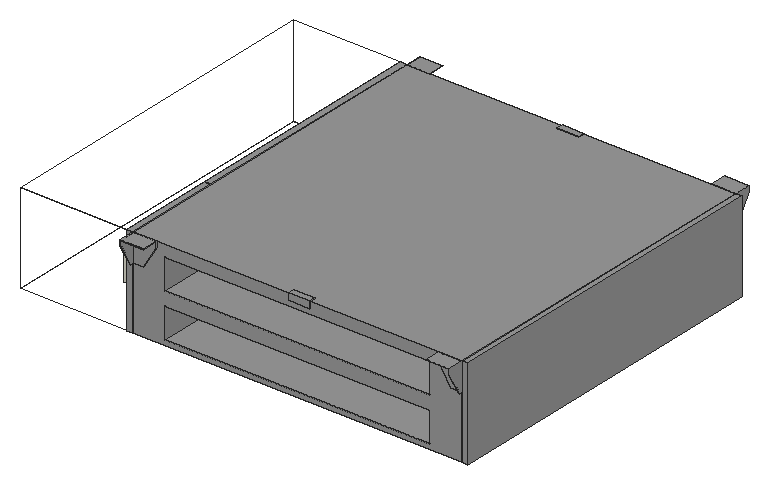
Revit family "XBX2", category Mechanical Equipment, Revit 2015
Parameters (values of type "XBX-R")
  silencer_offset [instance] = if(and(Add Atmosphere Silencer, Right Handed), 2600 mm, if(and(Add Atmosphere Silencer, Left Handed), 500 mm, 2100 mm))  # 2100 mm
  duct_offset1 [instance] = if(Add Atmosphere Silencer, 500 mm, 0 mm)  # 0 mm
  duct_angle = if(Left Handed, 270.00°, 90.00°)  # 90.00°
  ctrl_offset = if(Left Handed, 50 mm, 1296 mm)  # 1296 mm
  bracket_offset [instance] = if(Left Handed, 407 mm, 93 mm)  # 93 mm
  angle_contraint_offset [instance] = if(Add Atmosphere Silencer, 250 mm, 0 mm)  # 0 mm
  Width = 1596 mm
  Weight [instance] = if(Add Atmosphere Silencer, 0.00 kg, 255.00 kg)  # 255.00 kg
  Unit Description = "XBX Heat Recovery Unit (Right Handed)"
  Supply Air Flow [instance] = 0.0 L/s
  Supply Air External Static Pressure [instance] = 0.0 Pa
  Starting Current = 0 A
  Specific Fan Power at Design Duty [instance] = "0.0"
  Right Handed = not(Left Handed)  # yes
  Revit Family Last Revised = "24/10/18"  # constant formula
  Quote Reference [instance] = ""
  Project Reference [instance] = ""
  Panel Offset = if(Right Handed, 1144.9 mm, 455.1 mm)  # 1144.9 mm
  Order Reference [instance] = ""
  OmniClass Title = "Centrifugal fans"  # constant formula
  OmniClass Number = "23-33 31 19 13"  # constant formula
  Number of Motor Poles = 4
  Number of Connection Poles = 2
  Nuaire Model Code = "XBX-R"
  Nominal Motor Speed (rpm) = 0
  Nominal Motor Rating = 0.000 kW
  Manufacturer Name = "Nuaire"  # constant formula
  Location Reference [instance] = ""
  Length = 1600 mm
  Left Handed = no
  Show Access Clearance [instance] = yes
  Voltage = if(Electrical Phase = 3, 400 V, 230 V)  # 230 V
  IFCExportAs = "IfcAirToAirHeatRecoveryType"  # constant formula
  Height = 425 mm
  Full Load Current = 0 A
  Model Drawn by = "Michael Grote"  # constant formula
  Maximum Ambient Temperature = 40 °C
  Extract Air Flow [instance] = 0.0 L/s
  Extract Air External Static Pressure [instance] = 0.0 Pa
  Electrical Phase = 1
  Duct Connection Width = 1240 mm
  Duct Connection Height = 140 mm
  Condensate Drain Connection Radius = Condensate Drain Connection Diameter / 2  # 0 mm
  URL = "http://www.nuaire.co.uk"
  Warranty Period = "3 Years"
  Weatherproof or Internal Only = "Internal"
  Manufacturer = Manufacturer Name  # "Nuaire"
  Condensate Drain Connection Diameter = 0 mm
  Classification.Uniclass.Pr.Number = "Pr_65_67_29_12"  # constant formula
  Classification.Uniclass.Pr.Description = "Centrifugal fans"  # constant formula
  Catalogue Pages = ""
  I&M Manual = ""
  Description = Unit Description  # "XBX Heat Recovery Unit (Right Handed)"
  Apparent Load = Voltage * Full Load Current  # 0 VA
  Address = "Western Industrial Estate, Caerphilly, UK"  # constant formula
  Postcode = "CF83 1NA"  # constant formula
  Telephone Number = "+44(0)2920-858-200"  # constant formula
  Fax Number = "+44(0)2920-858-222"  # constant formula
  Email Address = "info@nuaire.co.uk"  # constant formula
  Model = Nuaire Model Code  # "XBX-R"
  Add Atmosphere Silencer [instance] = no
Types (2, lengths in mm): name | duct_angle | ctrl_offset | bracket_offset | Unit Description | Right Handed | Panel Offset | Number of Connection Poles | Nuaire Model Code | Left Handed | Description | Model
  XBX-L | 270.00° | 50 | 407 | "XBX Heat Recovery Unit (Left Handed)" | no | 455.1 | 1 | "XBX-L" | yes | "XBX Heat Recovery Unit (Left Handed)" | "XBX-L"
  XBX-R | 90.00° | 1296 | 93 | "XBX Heat Recovery Unit (Right Handed)" | yes | 1144.9 | 2 | "XBX-R" | no | "XBX Heat Recovery Unit (Right Handed)" | "XBX-R"
Reference planes
  plane 1 "Center (Front/Back)": y = 0
  plane 2: z = 0
  plane 3 "Center (Left/Right)": x = 0
  plane 4: x = 798
  plane 5: x = -798
  plane 6: y = 800
  plane 7: y = -800
  plane 8: z = 425
  plane 9: z = 26
  plane 10: z = 166
  plane 11: z = 231
  plane 12: z = 371
  plane 13: x = 620
  plane 14: x = -620
  plane 15: z = 301
  plane 16: z = 96
  plane 17: y = 597.5
  plane 18: z = 212.5
  plane 19: y = -141.375
  plane 20: y = 141.375
  plane 21: y = -597.5
  plane 22: y = 800
  plane 23: y = 300
  plane 24: y = -1300
  plane 25: y = 707
Forms (mm)
  Extrusion 1, solid, material "Aluzinc"
    sketch origin (0, 0, 0) x (1, 0, 0) y (0, 1, 0)
      loop
        line (-770, 800) -> (-770, -800) -> (770, -800) -> (770, 800) -> (-770, 800)
    from 0 to 425
  Extrusion 2, void
    sketch origin (0, -550, 0) x (1, 0, 0) y (0, 0, 1)
      loop
        line (-620, 371) -> (-620, 231) -> (620, 231) -> (620, 371) -> (-620, 371)
    from 0 to 250
  Extrusion 3, void
    sketch origin (0, -550, 0) x (1, 0, 0) y (0, 0, 1)
      loop
        line (-620, 166) -> (-620, 26) -> (620, 26) -> (620, 166) -> (-620, 166)
    from 0 to 250
  Extrusion 4, void
    sketch origin (0, 550, 0) x (1, 0, 0) y (0, 0, -1)
      loop
        line (-620, -371) -> (620, -371) -> (620, -231) -> (-620, -231) -> (-620, -371)
    from 0 to 250
  Extrusion 5, void
    sketch origin (0, 550, 0) x (1, 0, 0) y (0, 0, -1)
      loop
        line (-620, -166) -> (620, -166) -> (620, -26) -> (-620, -26) -> (-620, -166)
    from 0 to 250
  Extrusion 6, solid, material "Aluzinc"
    sketch origin (0, 0, 0) x (1, 0, 0) y (0, 1, 0)
      loop
        line (-41.7, 801.5) -> (-41.7, 771.5) -> (58.3, 771.5) -> (58.3, 801.5) -> (-41.7, 801.5)
    from 395.7 to 425.7
  Extrusion 7, solid, material "Aluzinc"
    sketch origin (0, 0, 0) x (1, 0, 0) y (0, 1, 0)
      loop
        line (-41.7, -801.5) -> (58.3, -801.5) -> (58.3, -771.5) -> (-41.7, -771.5) -> (-41.7, -801.5)
    from 395.7 to 425.7
  Extrusion 8, solid, material "Goosewing Grey Plastic"
    sketch origin (0, 0, 0) x (1, 0, 0) y (0, 1, 0)
      loop
        line (-798, -496) -> (-852.5, -496) -> (-852.5, -750) -> (-798, -750) -> (-798, -496)
    from 165 to 345
  Extrusion 9, solid, material "Aluzinc"
    sketch origin (620, 0, 0) x (1, 0, 0) y (0, 1, 0)
      loop
        line (150, 800) -> (150, -800) -> (178, -800) -> (178, 800) -> (150, 800)
    from 0 to 425
  Extrusion 10, solid, material "Aluzinc", visible <- "Right Handed"
    sketch origin (-140, 0, 0) x (1, 0, 0) y (0, 1, 0)
      loop
        line (-658, 800) -> (-658, -344.9) -> (-630, -344.9) -> (-630, 800) -> (-658, 800)
    from 0 to 425
  Extrusion 11, solid, material "Aluzinc", visible <- "Right Handed"
    sketch origin (-140, -455.125, 0) x (1, 0, 0) y (0, 1, 0)
      loop
        line (-658, 110.225) -> (-658, -344.875) -> (-630, -344.875) -> (-630, 110.225) -> (-658, 110.225)
    from 0 to 425
  Extrusion 12, solid, material "Aluzinc"
    sketch origin (0, 0, 0) x (0, 1, 0) y (0, 0, 1)
      loop
        line (-875, 400) -> (-815, 295) -> (-800, 295) -> (-800, 425) -> (-875, 425) -> (-875, 400)
    from -770 to -660.1
  Extrusion 13, void
    sketch origin (0, -2, 0) x (1, 0, 0) y (0, 0, 1)
      loop
        line (-660.1, 423) -> (-768, 423) -> (-768, 295) -> (-660.1, 295) -> (-660.1, 423)
    from 800 to 873
  Extrusion 14, void
    sketch origin (0, 0, 0) x (1, 0, 0) y (0, 0, 1)
      loop
        line (-660.1, 395) -> (-720.1, 295) -> (-660.1, 295) -> (-660.1, 395)
    from 800 to 875
  Extrusion 15, solid, material "Aluzinc"
    sketch origin (0, 0, 0) x (0, 1, 0) y (0, 0, -1)
      loop
        line (-875, -400) -> (-875, -425) -> (-800, -425) -> (-800, -295) -> (-815, -295) -> (-875, -400)
    from -770 to -660.1
  Extrusion 16, void
    sketch origin (0, -2, 0) x (-1, 0, 0) y (0, 0, -1)
      loop
        line (-660.1, -423) -> (-660.1, -295) -> (-768, -295) -> (-768, -423) -> (-660.1, -423)
    from 800 to 873
  Extrusion 17, void
    sketch origin (0, 0, 0) x (-1, 0, 0) y (0, 0, -1)
      loop
        line (-660.1, -395) -> (-660.1, -295) -> (-720.1, -295) -> (-660.1, -395)
    from 800 to 875
  Extrusion 18, solid, material "Aluzinc"
    sketch origin (0, 0, 0) x (0, -1, 0) y (0, 0, -1)
      loop
        line (-875, -400) -> (-875, -425) -> (-800, -425) -> (-800, -295) -> (-815, -295) -> (-875, -400)
    from -770 to -660.1
  Extrusion 19, void
    sketch origin (0, 2, 0) x (1, 0, 0) y (0, 0, -1)
      loop
        line (-660.1, -423) -> (-660.1, -295) -> (-768, -295) -> (-768, -423) -> (-660.1, -423)
    from 800 to 873
  Extrusion 20, void
    sketch origin (0, 0, 0) x (1, 0, 0) y (0, 0, -1)
      loop
        line (-660.1, -395) -> (-660.1, -295) -> (-720.1, -295) -> (-660.1, -395)
    from 800 to 875
  Extrusion 21, solid, material "Aluzinc"
    sketch origin (0, 0, 0) x (0, -1, 0) y (0, 0, 1)
      loop
        line (-875, 400) -> (-815, 295) -> (-800, 295) -> (-800, 425) -> (-875, 425) -> (-875, 400)
    from -770 to -660.1
  Extrusion 22, void
    sketch origin (0, 2, 0) x (-1, 0, 0) y (0, 0, 1)
      loop
        line (-660.1, 423) -> (-768, 423) -> (-768, 295) -> (-660.1, 295) -> (-660.1, 423)
    from 800 to 873
  Extrusion 23, void
    sketch origin (0, 0, 0) x (-1, 0, 0) y (0, 0, 1)
      loop
        line (-660.1, 395) -> (-720.1, 295) -> (-660.1, 295) -> (-660.1, 395)
    from 800 to 875
  Extrusion 24, solid, visible <- "Left Handed"
    sketch origin (-801, 0, 0) x (0, 1, 0) y (0, 0, 1)
      loop
        line (-760.605, 227.5) -> (-760.605, 37.5)
        arc (-760.605, 37.5) -> (-730.5, 7.395) -> (-700.395, 37.5) r 30.105
        line (-700.395, 37.5) -> (-700.395, 227.5)
        arc (-700.395, 227.5) -> (-730.5, 257.605) -> (-760.605, 227.5) r 30.105
    from 0 to 3
  Extrusion 25, solid, material "White Plastic", visible <- "Left Handed"
    sketch origin (29.264, 0, 0) x (0, 1, 0) y (0, 0, 1)
      loop
        arc (-745.339, 244.509) -> (-750.95, 236.887) -> (-753, 227.646) r 22.9
        line (-753, 227.646) -> (-753, 37.354)
        arc (-753, 37.354) -> (-750.95, 28.113) -> (-745.339, 20.491) r 22.9
        arc (-745.339, 20.491) -> (-741.229, 9.565) -> (-730.501, 4.964) r 14.885
        arc (-730.501, 4.964) -> (-719.772, 9.565) -> (-715.662, 20.491) r 14.885
        arc (-715.662, 20.491) -> (-710.021, 28.18) -> (-708, 37.5) r 22.9
        line (-708, 37.5) -> (-708, 227.5)
        arc (-708, 227.5) -> (-710.021, 236.82) -> (-715.662, 244.509) r 22.9
        arc (-715.662, 244.509) -> (-719.772, 255.435) -> (-730.501, 260.036) r 14.885
        arc (-730.501, 260.036) -> (-741.229, 255.435) -> (-745.339, 244.509) r 14.885
    from -835.264 to -830.264
  Extrusion 26, solid, visible <- "Right Handed"
    sketch origin (-801, 0, 0) x (0, -1, 0) y (0, 0, -1)
      loop
        arc (-760.605, -227.5) -> (-730.5, -257.605) -> (-700.395, -227.5) r 30.105
        line (-700.395, -227.5) -> (-700.395, -37.5)
        arc (-700.395, -37.5) -> (-730.5, -7.395) -> (-760.605, -37.5) r 30.105
        line (-760.605, -37.5) -> (-760.605, -227.5)
    from 0 to 3
  Extrusion 27, solid, material "White Plastic", visible <- "Right Handed"
    sketch origin (29.264, 0, 0) x (0, -1, 0) y (0, 0, -1)
      loop
        arc (-745.339, -244.509) -> (-741.229, -255.435) -> (-730.501, -260.036) r 14.885
        arc (-730.501, -260.036) -> (-719.772, -255.435) -> (-715.662, -244.509) r 14.885
        arc (-715.662, -244.509) -> (-710.021, -236.82) -> (-708, -227.5) r 22.9
        line (-708, -227.5) -> (-708, -37.5)
        arc (-708, -37.5) -> (-710.021, -28.18) -> (-715.662, -20.491) r 22.9
        arc (-715.662, -20.491) -> (-719.772, -9.565) -> (-730.501, -4.964) r 14.885
        arc (-730.501, -4.964) -> (-741.229, -9.565) -> (-745.339, -20.491) r 14.885
        arc (-745.339, -20.491) -> (-750.95, -28.113) -> (-753, -37.354) r 22.9
        line (-753, -37.354) -> (-753, -227.646)
        arc (-753, -227.646) -> (-750.95, -236.887) -> (-745.339, -244.509) r 22.9
    from -835.264 to -830.264
  Extrusion 28, solid, visible <- "Right Handed"
    sketch origin (-801, -1140.475, 0) x (0, -1, 0) y (0, 0, -1)
      loop
        arc (-760.605, -227.5) -> (-730.5, -257.605) -> (-700.395, -227.5) r 30.105
        line (-700.395, -227.5) -> (-700.395, -37.5)
        arc (-700.395, -37.5) -> (-730.5, -7.395) -> (-760.605, -37.5) r 30.105
        line (-760.605, -37.5) -> (-760.605, -227.5)
    from 0 to 3
  Extrusion 29, solid, material "White Plastic", visible <- "Right Handed"
    sketch origin (29.264, -1140.475, 0) x (0, -1, 0) y (0, 0, -1)
      loop
        arc (-745.339, -244.509) -> (-741.229, -255.435) -> (-730.501, -260.036) r 14.885
        arc (-730.501, -260.036) -> (-719.772, -255.435) -> (-715.662, -244.509) r 14.885
        arc (-715.662, -244.509) -> (-710.021, -236.82) -> (-708, -227.5) r 22.9
        line (-708, -227.5) -> (-708, -37.5)
        arc (-708, -37.5) -> (-710.021, -28.18) -> (-715.662, -20.491) r 22.9
        arc (-715.662, -20.491) -> (-719.772, -9.565) -> (-730.501, -4.964) r 14.885
        arc (-730.501, -4.964) -> (-741.229, -9.565) -> (-745.339, -20.491) r 14.885
        arc (-745.339, -20.491) -> (-750.95, -28.113) -> (-753, -37.354) r 22.9
        line (-753, -37.354) -> (-753, -227.646)
        arc (-753, -227.646) -> (-750.95, -236.887) -> (-745.339, -244.509) r 22.9
    from -835.264 to -830.264
  Extrusion 30, solid, visible <- "Left Handed"
    sketch origin (-801, 1140.475, 0) x (0, 1, 0) y (0, 0, 1)
      loop
        line (-760.605, 227.5) -> (-760.605, 37.5)
        arc (-760.605, 37.5) -> (-730.5, 7.395) -> (-700.395, 37.5) r 30.105
        line (-700.395, 37.5) -> (-700.395, 227.5)
        arc (-700.395, 227.5) -> (-730.5, 257.605) -> (-760.605, 227.5) r 30.105
    from 0 to 3
  Extrusion 31, solid, material "White Plastic", visible <- "Left Handed"
    sketch origin (29.264, 1140.475, 0) x (0, 1, 0) y (0, 0, 1)
      loop
        arc (-745.339, 244.509) -> (-750.95, 236.887) -> (-753, 227.646) r 22.9
        line (-753, 227.646) -> (-753, 37.354)
        arc (-753, 37.354) -> (-750.95, 28.113) -> (-745.339, 20.491) r 22.9
        arc (-745.339, 20.491) -> (-741.229, 9.565) -> (-730.501, 4.964) r 14.885
        arc (-730.501, 4.964) -> (-719.772, 9.565) -> (-715.662, 20.491) r 14.885
        arc (-715.662, 20.491) -> (-710.021, 28.18) -> (-708, 37.5) r 22.9
        line (-708, 37.5) -> (-708, 227.5)
        arc (-708, 227.5) -> (-710.021, 236.82) -> (-715.662, 244.509) r 22.9
        arc (-715.662, 244.509) -> (-719.772, 255.435) -> (-730.501, 260.036) r 14.885
        arc (-730.501, 260.036) -> (-741.229, 255.435) -> (-745.339, 244.509) r 14.885
    from -835.264 to -830.264
  Extrusion 32, solid, material "Aluzinc", visible <- "Left Handed"
    sketch origin (-140, 0, 0) x (1, 0, 0) y (0, 1, 0)
      loop
        line (-658, -800) -> (-630, -800) -> (-630, 344.9) -> (-658, 344.9) -> (-658, -800)
    from 0 to 425
  Extrusion 33, solid, material "Aluzinc", visible <- "Left Handed"
    sketch origin (-140, 455.125, 0) x (1, 0, 0) y (0, 1, 0)
      loop
        line (-658, -110.225) -> (-630, -110.225) -> (-630, 344.875) -> (-658, 344.875) -> (-658, -110.225)
    from 0 to 425
  Extrusion 34, solid, material "Aluzinc", visible <- "Add Atmosphere Silencer"
    sketch origin (0, 1300, 0) x (1, 0, 0) y (0, 0, 1)
      loop
        line (-662.5, 399) -> (-662.5, 0) -> (662.5, 0) -> (662.5, 399) -> (-662.5, 399)
      loop
        line (-620, 371) -> (-620, 231) -> (620, 231) -> (620, 371) -> (-620, 371)
      loop
        line (-620, 166) -> (-620, 26) -> (620, 26) -> (620, 166) -> (-620, 166)
    from 500 to 1000
  Extrusion 35, solid, material "Aluzinc", visible <- "Add Atmosphere Silencer"
    sketch origin (-662.5, 1300, 395) x (0, 0, 1) y (0, 1, 0)
      loop
        line (-95, -560.5) -> (-95, -625.5) -> (4, -625.5) -> (4, -560.5) -> (-95, -560.5)
    from 0 to 10
  Extrusion 36, solid, material "Aluzinc", visible <- "Add Atmosphere Silencer"
    sketch origin (-662.5, 1300, 395) x (0, 0, 1) y (0, 1, 0)
      loop
        line (-6, -560.5) -> (-6, -625.5) -> (4, -625.5) -> (4, -560.5) -> (-6, -560.5)
    from 0 to 46
  Extrusion 37, solid, material "Aluzinc", visible <- "Add Atmosphere Silencer"
    sketch origin (662.5, 1300, 395) x (0, 0, 1) y (0, -1, 0)
      loop
        line (-95, 560.5) -> (4, 560.5) -> (4, 625.5) -> (-95, 625.5) -> (-95, 560.5)
    from 0 to 10
  Extrusion 38, solid, material "Aluzinc", visible <- "Add Atmosphere Silencer"
    sketch origin (662.5, 1300, 395) x (0, 0, 1) y (0, -1, 0)
      loop
        line (-6, 560.5) -> (4, 560.5) -> (4, 625.5) -> (-6, 625.5) -> (-6, 560.5)
    from 0 to 46
Cuts and joins
  Extrusion 2, Extrusion 3, Extrusion 4, Extrusion 5, Extrusion 13, Extrusion 14, Extrusion 17, Extrusion 20, Extrusion 23 cuts Extrusion 1
  Extrusion 13, Extrusion 14, Extrusion 16, Extrusion 17, Extrusion 19, Extrusion 20 cuts Extrusion 12
  Extrusion 16, Extrusion 17, Extrusion 22, Extrusion 23 cuts Extrusion 15
  Extrusion 19, Extrusion 20 cuts Extrusion 18
  Extrusion 22, Extrusion 23 cuts Extrusion 21
  joined: Extrusion 35, Extrusion 36
Dimensions and locks
  equal spacing: plane 5, plane 3 "Center (Left/Right)", plane 4
  "Width": plane 5 to plane 4
  equal spacing: plane 6, plane 1 "Center (Front/Back)", plane 7
  "Length": plane 6 to plane 7
  "Height": plane 8 to plane 2
  "ctrl_offset": plane 6 to Extrusion 8
  locked: Extrusion 8 to Extrusion 8 at 254
  locked: plane 6 to plane 20 at 658.625
  locked: plane 21 to plane 7 at 202.5
  locked: plane 6 to plane 17 at 202.5
  locked: plane 19 to plane 7 at 658.625
  locked: plane 22 to plane 23 at 500
  locked: plane 7 to plane 24 at 500
  "silencer_offset": plane 22 to plane 24
  locked: Extrusion 38 to plane 25 at 32.5
  locked: plane 25 to Extrusion 38 at 32.5
  locked: plane 25 to Extrusion 37 at 32.5
  locked: Extrusion 37 to plane 25 at 32.5
  locked: cut or joined group of Extrusion 35, Extrusion 36 to plane 25 at 32.5  (x2)
  locked: plane 25 to cut or joined group of Extrusion 35, Extrusion 36 at 32.5  (x2)
  "bracket_offset": plane 25 to plane 22
  "duct_angle": angle nested 7 to plane 1 "Center (Front/Back)"
  "duct_angle": angle plane 1 "Center (Front/Back)" to nested 8
  "duct_angle": angle nested 9 to plane 1 "Center (Front/Back)"
  "duct_angle": angle nested 10 to plane 1 "Center (Front/Back)"
  aligned and locked: level to plane 2
  aligned and locked: plane 8 to Extrusion 1
  aligned and locked: plane 6 to nested 2
  aligned and locked: nested 3 to plane 17
  aligned and locked: nested 3 to nested 2
  aligned and locked: nested 4 to nested 2
  aligned and locked: Extrusion 34 to plane 22
  aligned and locked: plane 23 to Extrusion 34
Automatic sketch dimensions
  plane 7 to Extrusion 1 sketch curve = 0 mm
  Extrusion 1 sketch curve to plane 6 = 0 mm
  Extrusion 1 sketch curve to plane 5 = 28 mm
  Extrusion 1 sketch curve to plane 4 = 28 mm
  Extrusion 2 sketch curve to plane 11 = 0 mm
  Extrusion 2 sketch curve to plane 14 = 0 mm
  Extrusion 2 sketch curve to plane 13 = 0 mm
  Extrusion 2 sketch curve to plane 12 = 0 mm
  Extrusion 3 sketch curve to plane 9 = 0 mm
  Extrusion 3 sketch curve to plane 14 = 0 mm
  Extrusion 3 sketch curve to plane 13 = 0 mm
  Extrusion 3 sketch curve to plane 10 = 0 mm
  Extrusion 4 sketch curve to plane 11 = 0 mm
  Extrusion 4 sketch curve to plane 14 = 0 mm
  Extrusion 4 sketch curve to plane 13 = 0 mm
  Extrusion 4 sketch curve to plane 12 = 0 mm
  Extrusion 5 sketch curve to plane 9 = 0 mm
  Extrusion 5 sketch curve to plane 14 = 0 mm
  Extrusion 5 sketch curve to plane 13 = 0 mm
  Extrusion 5 sketch curve to plane 10 = 0 mm
  Extrusion 6 sketch curve to plane 3 "Center (Left/Right)" = 41.7 mm
  Extrusion 6 sketch curve to plane 6 = 28.5 mm
  plane 3 "Center (Left/Right)" to Extrusion 6 sketch curve = 58.3 mm
  plane 6 to Extrusion 6 sketch curve = 1.5 mm
  plane 3 "Center (Left/Right)" to Extrusion 7 sketch curve = 41.7 mm
  plane 7 to Extrusion 7 sketch curve = 28.5 mm
  Extrusion 7 sketch curve to plane 3 "Center (Left/Right)" = 58.3 mm
  Extrusion 7 sketch curve to plane 7 = 1.5 mm
  Extrusion 8 sketch curve to plane 5 = 0 mm
  plane 5 to Extrusion 8 sketch curve = 54.5 mm
  Extrusion 8 sketch curve to plane 7 = 50 mm
  Extrusion 8 sketch curve to plane 21 = 101.5 mm
  plane 7 to Extrusion 9 sketch curve = 0 mm
  Extrusion 9 sketch curve to plane 6 = 0 mm
  Extrusion 9 sketch curve to plane 4 = 0 mm
  Extrusion 9 sketch curve to Extrusion 9 sketch curve = 28 mm
  Extrusion 10 sketch curve to plane 5 = 0 mm
  Extrusion 10 sketch curve to plane 6 = 0 mm
  Extrusion 10 sketch curve to plane 5 = 28 mm
  Extrusion 10 sketch curve to plane 19 = 203.525 mm
  Extrusion 11 sketch curve to plane 5 = 0 mm
  plane 7 to Extrusion 11 sketch curve = 0 mm
  Extrusion 11 sketch curve to plane 5 = 28 mm
  Extrusion 11 sketch curve to plane 19 = 203.525 mm
  Extrusion 12 sketch curve to plane 8 = 0 mm
  Extrusion 12 sketch curve to plane 7 = 0 mm
  Extrusion 12 sketch curve to plane 15 = 6 mm
  Extrusion 12 sketch curve to Extrusion 12 sketch curve = 15 mm
  Extrusion 12 sketch curve to plane 8 = 25 mm
  plane 7 to Extrusion 12 sketch curve = 75 mm
  Extrusion 13 sketch curve to plane 8 = 2 mm
  Extrusion 13 sketch curve to plane 5 = 30 mm
  Extrusion 13 sketch curve to plane 14 = 40.1 mm
  Extrusion 13 sketch curve to plane 15 = 6 mm
  Extrusion 14 sketch curve to plane 15 = 6 mm
  Extrusion 14 sketch curve to plane 5 = 77.9 mm
  Extrusion 14 sketch curve to plane 14 = 40.1 mm
  Extrusion 14 sketch curve to plane 12 = 24 mm
  Extrusion 15 sketch curve to plane 8 = 0 mm
  Extrusion 15 sketch curve to plane 7 = 0 mm
  Extrusion 15 sketch curve to plane 15 = 6 mm
  Extrusion 15 sketch curve to Extrusion 15 sketch curve = 15 mm
  Extrusion 15 sketch curve to plane 8 = 25 mm
  plane 7 to Extrusion 15 sketch curve = 75 mm
  Extrusion 16 sketch curve to plane 8 = 2 mm
  Extrusion 16 sketch curve to plane 4 = 30 mm
  plane 13 to Extrusion 16 sketch curve = 40.1 mm
  Extrusion 16 sketch curve to plane 15 = 6 mm
  plane 15 to Extrusion 17 sketch curve = 6 mm
  plane 4 to Extrusion 17 sketch curve = 77.9 mm
  Extrusion 17 sketch curve to plane 13 = 40.1 mm
  plane 12 to Extrusion 17 sketch curve = 24 mm
  Extrusion 18 sketch curve to plane 8 = 0 mm
  Extrusion 18 sketch curve to plane 6 = 0 mm
  plane 15 to Extrusion 18 sketch curve = 6 mm
  Extrusion 18 sketch curve to Extrusion 18 sketch curve = 15 mm
  plane 8 to Extrusion 18 sketch curve = 25 mm
  Extrusion 18 sketch curve to plane 6 = 75 mm
  Extrusion 19 sketch curve to plane 8 = 2 mm
  Extrusion 19 sketch curve to plane 5 = 30 mm
  Extrusion 19 sketch curve to plane 14 = 40.1 mm
  Extrusion 19 sketch curve to plane 15 = 6 mm
  Extrusion 20 sketch curve to plane 15 = 6 mm
  Extrusion 20 sketch curve to plane 5 = 77.9 mm
  Extrusion 20 sketch curve to plane 14 = 40.1 mm
  Extrusion 20 sketch curve to plane 12 = 24 mm
  Extrusion 21 sketch curve to plane 8 = 0 mm
  Extrusion 21 sketch curve to plane 6 = 0 mm
  Extrusion 21 sketch curve to plane 15 = 6 mm
  Extrusion 21 sketch curve to Extrusion 21 sketch curve = 15 mm
  Extrusion 21 sketch curve to plane 8 = 25 mm
  plane 6 to Extrusion 21 sketch curve = 75 mm
  Extrusion 22 sketch curve to plane 8 = 2 mm
  Extrusion 22 sketch curve to plane 4 = 30 mm
  plane 13 to Extrusion 22 sketch curve = 40.1 mm
  Extrusion 22 sketch curve to plane 15 = 6 mm
  Extrusion 23 sketch curve to plane 15 = 6 mm
  Extrusion 23 sketch curve to plane 4 = 77.9 mm
  plane 13 to Extrusion 23 sketch curve = 40.1 mm
  Extrusion 23 sketch curve to plane 12 = 24 mm
  plane 9 to Extrusion 24 sketch curve = 11.5 mm
  Extrusion 24 sketch curve to plane 7 = 39.395 mm
  Extrusion 24 sketch curve to Extrusion 24 sketch curve = 30.105 mm
  Extrusion 24 sketch curve to plane 11 = 3.5 mm
  Extrusion 25 sketch curve to plane 11 = 3.354 mm
  Extrusion 25 sketch curve to plane 7 = 47 mm
  Extrusion 25 sketch curve to Extrusion 25 sketch curve = 22.1 mm  (x2)
  Extrusion 25 sketch curve to plane 11 = 3.585 mm
  Extrusion 25 sketch curve to Extrusion 25 sketch curve = 0.366 mm  (x2)
  Extrusion 25 sketch curve to plane 9 = 6.151 mm
  Extrusion 25 sketch curve to Extrusion 25 sketch curve = 0.066 mm  (x2)
  Extrusion 25 sketch curve to Extrusion 25 sketch curve = 0.799 mm  (x2)
  Extrusion 25 sketch curve to plane 11 = 3.5 mm
  Extrusion 25 sketch curve to Extrusion 25 sketch curve = 22.101 mm
  Extrusion 25 sketch curve to Extrusion 25 sketch curve = 0 mm  (x4)
  plane 9 to Extrusion 25 sketch curve = 11.354 mm
  plane 9 to Extrusion 25 sketch curve = 11.5 mm
  plane 9 to Extrusion 25 sketch curve = 11.585 mm
  plane 11 to Extrusion 25 sketch curve = 14.151 mm
  Extrusion 25 sketch curve to plane 9 = 5.509 mm
  plane 11 to Extrusion 25 sketch curve = 13.509 mm
  Extrusion 25 sketch curve to Extrusion 25 sketch curve = 0.033 mm
  level to Extrusion 25 sketch curve = 4.964 mm
  plane 9 to Extrusion 26 sketch curve = 11.5 mm
  Extrusion 26 sketch curve to plane 6 = 39.395 mm
  Extrusion 26 sketch curve to Extrusion 26 sketch curve = 30.105 mm
  Extrusion 26 sketch curve to plane 11 = 3.5 mm
  Extrusion 27 sketch curve to plane 11 = 3.354 mm
  Extrusion 27 sketch curve to plane 6 = 47 mm
  Extrusion 27 sketch curve to Extrusion 27 sketch curve = 22.1 mm  (x2)
  Extrusion 27 sketch curve to plane 11 = 3.585 mm
  Extrusion 27 sketch curve to Extrusion 27 sketch curve = 0.366 mm  (x2)
  Extrusion 27 sketch curve to plane 9 = 6.151 mm
  Extrusion 27 sketch curve to Extrusion 27 sketch curve = 0.066 mm  (x2)
  Extrusion 27 sketch curve to Extrusion 27 sketch curve = 0.799 mm  (x2)
  Extrusion 27 sketch curve to plane 11 = 3.5 mm
  Extrusion 27 sketch curve to Extrusion 27 sketch curve = 22.101 mm
  plane 11 to Extrusion 27 sketch curve = 14.151 mm
  Extrusion 27 sketch curve to Extrusion 27 sketch curve = 0 mm  (x4)
  plane 9 to Extrusion 27 sketch curve = 11.585 mm
  plane 9 to Extrusion 27 sketch curve = 11.5 mm
  plane 9 to Extrusion 27 sketch curve = 11.354 mm
  Extrusion 27 sketch curve to plane 9 = 5.509 mm
  plane 11 to Extrusion 27 sketch curve = 13.509 mm
  Extrusion 27 sketch curve to Extrusion 27 sketch curve = 0.033 mm
  level to Extrusion 27 sketch curve = 4.964 mm
  plane 9 to Extrusion 28 sketch curve = 11.5 mm
  Extrusion 28 sketch curve to plane 21 = 217.63 mm
  Extrusion 28 sketch curve to Extrusion 28 sketch curve = 30.105 mm
  Extrusion 28 sketch curve to plane 11 = 3.5 mm
  Extrusion 29 sketch curve to plane 11 = 3.354 mm
  Extrusion 29 sketch curve to plane 21 = 210.025 mm
  Extrusion 29 sketch curve to Extrusion 29 sketch curve = 22.1 mm  (x2)
  Extrusion 29 sketch curve to plane 11 = 3.585 mm
  Extrusion 29 sketch curve to Extrusion 29 sketch curve = 0.366 mm  (x2)
  Extrusion 29 sketch curve to plane 9 = 6.151 mm
  Extrusion 29 sketch curve to Extrusion 29 sketch curve = 0.066 mm  (x2)
  Extrusion 29 sketch curve to Extrusion 29 sketch curve = 0.799 mm  (x2)
  Extrusion 29 sketch curve to plane 11 = 3.5 mm
  Extrusion 29 sketch curve to Extrusion 29 sketch curve = 22.101 mm
  plane 11 to Extrusion 29 sketch curve = 14.151 mm
  Extrusion 29 sketch curve to Extrusion 29 sketch curve = 0 mm  (x4)
  plane 9 to Extrusion 29 sketch curve = 11.585 mm
  plane 9 to Extrusion 29 sketch curve = 11.5 mm
  plane 9 to Extrusion 29 sketch curve = 11.354 mm
  Extrusion 29 sketch curve to plane 9 = 5.509 mm
  plane 11 to Extrusion 29 sketch curve = 13.509 mm
  Extrusion 29 sketch curve to Extrusion 29 sketch curve = 0.033 mm
  level to Extrusion 29 sketch curve = 4.964 mm
  plane 9 to Extrusion 30 sketch curve = 11.5 mm
  plane 17 to Extrusion 30 sketch curve = 217.63 mm
  Extrusion 30 sketch curve to Extrusion 30 sketch curve = 30.105 mm
  Extrusion 30 sketch curve to plane 11 = 3.5 mm
  Extrusion 31 sketch curve to plane 11 = 3.354 mm
  plane 17 to Extrusion 31 sketch curve = 210.025 mm
  Extrusion 31 sketch curve to Extrusion 31 sketch curve = 22.1 mm  (x2)
  Extrusion 31 sketch curve to plane 11 = 3.585 mm
  Extrusion 31 sketch curve to Extrusion 31 sketch curve = 0.366 mm  (x2)
  Extrusion 31 sketch curve to plane 9 = 6.151 mm
  Extrusion 31 sketch curve to Extrusion 31 sketch curve = 0.066 mm  (x2)
  Extrusion 31 sketch curve to Extrusion 31 sketch curve = 0.799 mm  (x2)
  Extrusion 31 sketch curve to plane 11 = 3.5 mm
  Extrusion 31 sketch curve to Extrusion 31 sketch curve = 22.101 mm
  Extrusion 31 sketch curve to Extrusion 31 sketch curve = 0 mm  (x4)
  plane 9 to Extrusion 31 sketch curve = 11.354 mm
  plane 9 to Extrusion 31 sketch curve = 11.5 mm
  plane 9 to Extrusion 31 sketch curve = 11.585 mm
  plane 11 to Extrusion 31 sketch curve = 14.151 mm
  Extrusion 31 sketch curve to plane 9 = 5.509 mm
  plane 11 to Extrusion 31 sketch curve = 13.509 mm
  Extrusion 31 sketch curve to Extrusion 31 sketch curve = 0.033 mm
  level to Extrusion 31 sketch curve = 4.964 mm
  Extrusion 32 sketch curve to plane 5 = 0 mm
  plane 7 to Extrusion 32 sketch curve = 0 mm
  Extrusion 32 sketch curve to Extrusion 32 sketch curve = 28 mm
  plane 20 to Extrusion 32 sketch curve = 203.525 mm
  Extrusion 33 sketch curve to plane 5 = 0 mm
  Extrusion 33 sketch curve to plane 6 = 0 mm
  Extrusion 33 sketch curve to Extrusion 33 sketch curve = 28 mm
  plane 20 to Extrusion 33 sketch curve = 203.525 mm
  Extrusion 34 sketch curve to level = 0 mm
  Extrusion 34 sketch curve to plane 9 = 0 mm
  Extrusion 34 sketch curve to plane 14 = 0 mm  (x2)
  Extrusion 34 sketch curve to plane 11 = 0 mm
  Extrusion 34 sketch curve to plane 13 = 0 mm  (x2)
  Extrusion 34 sketch curve to plane 12 = 0 mm
  Extrusion 34 sketch curve to plane 10 = 0 mm
  Extrusion 34 sketch curve to plane 14 = 42.5 mm
  plane 13 to Extrusion 34 sketch curve = 42.5 mm
  Extrusion 34 sketch curve to plane 8 = 26 mm
  Extrusion 34 to Extrusion 35 sketch curve = 0 mm
  Extrusion 34 to Extrusion 35 sketch curve = 99 mm
  Extrusion 34 to Extrusion 35 sketch curve = 125.5 mm
  Extrusion 34 to Extrusion 35 sketch curve = 60.5 mm
  Extrusion 34 to Extrusion 36 sketch curve = 0 mm
  Extrusion 34 to Extrusion 36 sketch curve = 10 mm
  Extrusion 34 to Extrusion 36 sketch curve = 125.5 mm
  Extrusion 34 to Extrusion 36 sketch curve = 60.5 mm
  Extrusion 37 sketch curve to plane 15 = 1 mm
  Extrusion 37 sketch curve to plane 8 = 26 mm
  plane 22 to Extrusion 37 sketch curve = 60.5 mm
  Extrusion 37 sketch curve to Extrusion 37 sketch curve = 65 mm
  Extrusion 38 sketch curve to plane 12 = 18 mm
  Extrusion 38 sketch curve to Extrusion 38 sketch curve = 10 mm
  plane 22 to Extrusion 38 sketch curve = 60.5 mm
  Extrusion 38 sketch curve to Extrusion 38 sketch curve = 65 mm
Nested families
  nested 1: "label_nuaire_logo" at (0, 0, 425) x (0, -1, 0) z (0, 0, 1), type "label_nuaire_logo"
    with Scale Factor 1408.641 mm, Actual Scale 493.024 mm
  nested 2: "access_clearance" at (-798, 0, 212.5) x (0, 0, -1) z (-1, 0, 0), visible <- "Show Access Clearance", type "access_clearance"
    with Width 425 mm, Length 1600 mm, Height 500 mm
  nested 3: "handle" at (-798, 597.5, 212.5) x (0, 1, 0) z (-1, 0, 0), visible <- "Right Handed", type "handle"
  nested 4: "handle" at (-798, -141.375, 212.5) x (0, 1, 0) z (-1, 0, 0), visible <- "Right Handed", type "handle"
  nested 5: "handle" at (-798, -597.5, 212.5) x (0, -1, 0) z (-1, 0, 0), visible <- "Left Handed", type "handle"
  nested 6: "handle" at (-798, 141.375, 212.5) x (0, -1, 0) z (-1, 0, 0), visible <- "Left Handed", type "handle"
  nested 7: "dummy_distance" at (0, 800, 96) x (-1, 0, 0) z (0, 0, 1), Distance <- "duct_offset1", type "dummy_distance", not visible
    with Distance 0 mm, Diameter 100 mm
  nested 8: "dummy_distance" at (0, 800, 301) x (-1, 0, 0) z (0, 0, 1), Distance <- "duct_offset1", type "dummy_distance", not visible
    with Distance 0 mm, Diameter 100 mm
  nested 9: "dummy_distance" at (0, -800, 96) x (-1, 0, 0) z (0, 0, 1), type "dummy_distance", not visible
    with Distance 0 mm, Diameter 100 mm
  nested 10: "dummy_distance" at (0, -800, 301) x (-1, 0, 0) z (0, 0, 1), type "dummy_distance", not visible
    with Distance 0 mm, Diameter 100 mm
Connectors
  electrical at (-852.5, -623, 255), driven by "Voltage", driven by "Number of Connection Poles", driven by "Apparent Load"
    settings: on Extrusion 8, index 1, voltage 230 V, apparent load 0 VA, apparent load phase1 0 VA, apparent load phase2 0 VA, apparent load phase3 0 VA, power factor 1, load classification "Other", number of poles 2, system type 30, power factor state 1, is connector primary yes, connector utility no, sub classification motor no, connector description "Power Supply"
  hvac at (0, 800, 301), driven by "Duct Connection Height", driven by "Duct Connection Width"
    settings: on nested 8, index 6, duct flow 0.0 L/s, flow factor 0, pres drop 0.0 Pa, loss coef 0, conn angle 0.00°, conn width 1240 mm, conn height 140 mm, conn diameter 609.6 mm, duct sys type 3, conn prof type 1, flow config 0, flow direction 2, loss method 0, conn ref index -1, conn util no, is conn primary yes, conn desc "Discharge to Atmosphere"
  hvac at (0, 800, 96), driven by "Duct Connection Height", driven by "Duct Connection Width", driven by "Supply Air Flow"
    settings: on nested 7, index 7, duct flow 0.0 L/s, flow factor 0, pres drop 0.0 Pa, loss coef 0, conn angle 0.00°, conn width 1240 mm, conn height 140 mm, conn diameter 609.6 mm, duct sys type 1, conn prof type 1, flow config 0, flow direction 1, loss method 0, conn ref index -1, conn util no, is conn primary no, conn desc "Fresh Air Intake"
  hvac at (0, -800, 301), driven by "Duct Connection Height", driven by "Supply Air Flow", driven by "Duct Connection Width"
    settings: on nested 10, index 8, duct flow 0.0 L/s, flow factor 0, pres drop 0.0 Pa, loss coef 0, conn angle 0.00°, conn width 1240 mm, conn height 140 mm, conn diameter 609.6 mm, duct sys type 1, conn prof type 1, flow config 0, flow direction 2, loss method 0, conn ref index -1, conn util no, is conn primary no, conn desc "Supply to Room"
  hvac at (0, -800, 96), driven by "Duct Connection Height", driven by "Extract Air Flow", driven by "Duct Connection Width"
    settings: on nested 9, index 9, duct flow 0.0 L/s, flow factor 0, pres drop 0.0 Pa, loss coef 0, conn angle 0.00°, conn width 1240 mm, conn height 140 mm, conn diameter 609.6 mm, duct sys type 1, conn prof type 1, flow config 0, flow direction 1, loss method 0, conn ref index -1, conn util no, is conn primary no, conn desc "Extract from Room"
Definition of nested family "access_clearance"
  Parameters
    Width = 672 mm
    URL = "http://www.nuaire.co.uk"
    Manufacturer = Manufacturer Name  # "Nuaire Group"
    Length = 745 mm
    Height = 300 mm
    Description = "Fan"
    Manufacturer Name = "Nuaire Group"  # constant formula
    Address = "Western Industrial Estate, Caerphilly, UK"  # constant formula
    Postcode = "CF83 1NA"  # constant formula
    Telephone Number = "+44(0)2920-858-200"  # constant formula
    Fax Number = "+44(0)2920-858-222"  # constant formula
    Email Address = "info@nuaire.co.uk"  # constant formula
    VAT Registration Number = "877308"  # constant formula
    Model = "AVT"
  Reference planes
    plane 1 "Center (Front/Back)": y = 0
    plane 2: z = 0
    plane 3 "Center (Left/Right)": x = 0
    plane 4: x = 336
    plane 5: x = -336
    plane 6: y = 372.5
    plane 7: y = -372.5
    plane 8: z = 300
  Forms (mm)
    Extrusion 1, solid
      sketch origin (0, 0, 0) x (1, 0, 0) y (0, 1, 0)
        loop
          line (-336, 372.5) -> (-336, -372.5) -> (336, -372.5) -> (336, 372.5) -> (-336, 372.5)
      from 0 to 300
  Dimensions and locks
    equal spacing: plane 5, plane 3 "Center (Left/Right)", plane 4
    "Width": plane 5 to plane 4
    equal spacing: plane 6, plane 1 "Center (Front/Back)", plane 7
    "Length": plane 6 to plane 7
    "Height": plane 8 to plane 2
    aligned and locked: level to plane 2
    aligned and locked: Extrusion 1 sketch curve to plane 6
    aligned and locked: Extrusion 1 sketch curve to plane 5
    aligned and locked: Extrusion 1 sketch curve to plane 7
    aligned and locked: Extrusion 1 sketch curve to plane 4
    aligned and locked: plane 8 to Extrusion 1
Definition of nested family "handle"
  Parameters
    Default Elevation = 1219.2 mm
  Reference planes
    plane 1 "Center (Front/Back)": y = 0
    plane 2: z = 0
    plane 3 "Center (Left/Right)": x = 0
  Forms (mm)
    Extrusion 1, solid
      sketch origin (0, 0, 0) x (1, 0, 0) y (0, 1, 0)
        loop
          line (-1219.2, 1219.2) -> (-1219.2, -1219.2) -> (1219.2, -1219.2) -> (1219.2, 1219.2) -> (-1219.2, 1219.2)
      from 0 to -304.8
    Extrusion 2, solid
      sketch origin (-13, 0, 0) x (0, 1, 0) y (0, 0, 1)
        loop
          line (85, 0) -> (85, 15.371) -> (58.99, 50) -> (-58.99, 50) -> (-85, 15.371) -> (-85, 0) -> (-63, 0) -> (-54.33, 39) -> (54.33, 39) -> (63, 0) -> (85, 0)
      from 0 to 26
  Dimensions and locks
    aligned and locked: plane 2 to Extrusion 1
    aligned and locked: level to Extrusion 1
Definition of nested family "dummy_distance"
  Parameters (values of type "dummy_distance")
    Distance [instance] = 0 mm
    Diameter [instance] = 50 mm
  Reference planes
    plane 1 "Center (Front/Back)": y = 0
    plane 2: z = 0
    plane 3 "Center (Left/Right)": x = 0
  Forms (mm)
    Extrusion 1, solid
      sketch origin (0, -426.786, 0) x (1, 0, 0) y (0, 0, 1)
        loop
          circle (0, 0) r 25
      from -476.786 to -426.786 <- "Diameter"
  Dimensions and locks
    "Distance": Extrusion 1 to plane 1 "Center (Front/Back)"
    "Diameter": Extrusion 1 to Extrusion 1
    "Diameter": diameter of Extrusion 1 sketch curve
    aligned and locked: level to plane 2
  Automatic sketch dimensions
    Extrusion 1 sketch curve to level = 0 mm
    Extrusion 1 sketch curve to plane 3 "Center (Left/Right)" = 0 mm
Definition of nested family "label_nuaire_logo"
  Parameters
    Scale Factor [instance] = Scale * 452  # 452 mm
    Scale = 1 mm
    Actual Scale [instance] = Scale Factor * 0.35  # 158.2 mm
  Reference planes
    plane 1 "Center (Front/Back)": y = 0
    plane 2: z = 0
    plane 3 "Center (Left/Right)": x = 0
  Lines and regions (mm)
    reference lines
      curve 1: line (79.1, -32.13, 0) -> (79.1, 30, 0)
      curve 2: line (-79.1, -32.13, 0) -> (-79.1, 30, 0)
  Dimensions and locks
    equal spacing: curve 2, plane 3 "Center (Left/Right)", curve 1
    "Actual Scale": curve 2 to curve 1
    aligned and locked: level to plane 2
  Automatic sketch dimensions
    plane 1 "Center (Front/Back)" to curve 2 = 32.13 mm
    plane 1 "Center (Front/Back)" to curve 1 = 32.13 mm
    curve 2 to plane 1 "Center (Front/Back)" = 30 mm
    curve 1 to plane 1 "Center (Front/Back)" = 30 mm
  Nested families
    nested 1: "logo_stage2" at (10, 0, 0), type "logo_stage2"
  Definition of nested family "logo_stage2"
    Parameters
      Height = 452 mm
    Reference planes
      plane 1 "Center (Front/Back)": y = 0
      plane 2: z = 0
      plane 3 "Center (Left/Right)": x = 0
    Dimensions and locks
      aligned and locked: level to plane 2
    Nested families
      nested 1: "logo_stage1" at (0, 0, 0), type "logo_stage1"
    Definition of nested family "logo_stage1"
      Parameters
        Height = 1300 mm
      Reference planes
        plane 1 "Center (Front/Back)": y = 0
        plane 2: z = 0
        plane 3 "Center (Left/Right)": x = 0
      Lines and regions (mm)
        model lines
          curve 1: arc (7.927, 29.489, 0) -> (-47.363, 58.16, 0) -> (-106.604, 77.382, 0) r 378.77
          curve 2: arc (-106.604, 77.382, 0) -> (-163.216, 86.224, 0) -> (-220.277, 81.007, 0) r 233.393
          curve 3: arc (-246.965, 20.991, 0) -> (-215.043, -15.792, 0) -> (-174.42, -42.657, 0) r 179.785
          curve 4: arc (-174.42, -42.657, 0) -> (-107.072, -70.342, 0) -> (-36.955, -89.99, 0) r 623.693
          curve 5: arc (-36.955, -89.99, 0) -> (-105.996, -69.023, 0) -> (-170.812, -37.319, 0) r 451.207
          curve 6: arc (-170.812, -37.319, 0) -> (-200.304, -16.562, 0) -> (-226.197, 8.542, 0) r 230.474
          curve 7: arc (-206.815, 72.232, 0) -> (-163.659, 78.527, 0) -> (-120.226, 74.571, 0) r 185.468
          curve 8: arc (-120.226, 74.571, 0) -> (-54.126, 57.782, 0) -> (7.927, 29.489, 0) r 381.393
          curve 9: line (-161.219, -24.259, 0) -> (-141.514, -24.259, 0)
          curve 10: line (-141.514, -24.259, 0) -> (-136.798, 0, 0)
          curve 11: arc (-136.798, 0, 0) -> (-133.437, 8.115, 0) -> (-125.322, 11.477, 0) r 11.477
          curve 12: arc (-125.322, 11.477, 0) -> (-118.479, 7.762, 0) -> (-117.869, 0, 0) r 8.158
          curve 13: line (-117.869, 0, 0) -> (-122.146, -24.259, 0)
          curve 14: line (-122.146, -24.259, 0) -> (-102.441, -24.259, 0)
          curve 15: line (-102.441, -24.259, 0) -> (-97.309, 4.849, 0)
          curve 16: arc (-97.309, 4.849, 0) -> (-99.379, 18.095, 0) -> (-110.885, 24.977, 0) r 15.794
          curve 17: arc (-110.885, 24.977, 0) -> (-122.995, 23.787, 0) -> (-133.701, 18.002, 0) r 30.821
          curve 18: line (-133.701, 18.002, 0) -> (-132.598, 24.255, 0)
          curve 19: line (-161.219, -24.259, 0) -> (-152.664, 24.255, 0)
          curve 20: line (-152.664, 24.255, 0) -> (-132.598, 24.255, 0)
          curve 21: line (-80.79, 24.255, 0) -> (-86.175, -3.448, 0)
          curve 22: arc (-86.175, -3.448, 0) -> (-83.467, -16.761, 0) -> (-72.138, -24.259, 0) r 17.751
          curve 23: arc (-72.138, -24.259, 0) -> (-59.938, -25.434, 0) -> (-47.739, -24.259, 0) r 63.934
          curve 24: arc (-47.739, -24.259, 0) -> (-34.611, -17.57, 0) -> (-27.023, -4.941, 0) r 26.727
          curve 25: line (-27.023, -4.941, 0) -> (-21.348, 24.255, 0)
          curve 26: line (-21.348, 24.255, 0) -> (-41.053, 24.255, 0)
          curve 27: line (-41.053, 24.255, 0) -> (-46.093, -1.676, 0)
          curve 28: arc (-46.093, -1.676, 0) -> (-50.186, -8.91, 0) -> (-57.808, -12.224, 0) r 13.097
          curve 29: arc (-57.808, -12.224, 0) -> (-64.693, -9.158, 0) -> (-65.742, -1.695, 0) r 7.773
          curve 30: line (-65.742, -1.695, 0) -> (-61.166, 24.255, 0)
          curve 31: line (-61.166, 24.255, 0) -> (-80.79, 24.255, 0)
          curve 32: arc (31.54, 19.236, 0) -> (16.208, 25.528, 0) -> (0, 22.075, 0) r 28.07
          curve 33: arc (0, 22.075, 0) -> (-10.88, 12.774, 0) -> (-17.338, 0, 0) r 36.434
          curve 34: arc (-17.338, 0, 0) -> (-15.613, -14.796, 0) -> (-4.047, -24.183, 0) r 19.761
          curve 35: arc (-4.047, -24.183, 0) -> (10.741, -24.948, 0) -> (24.166, -18.699, 0) r 30.688
          curve 36: line (24.166, -18.699, 0) -> (23.117, -24.098, 0)
          curve 37: line (23.117, -24.098, 0) -> (43.271, -24.098, 0)
          curve 38: line (43.271, -24.098, 0) -> (51.797, 24.255, 0)
          curve 39: line (51.797, 24.255, 0) -> (32.515, 24.255, 0)
          curve 40: line (32.515, 24.255, 0) -> (31.54, 19.236, 0)
          curve 41: arc (27.176, -3.213, 0) -> (27.314, 5.536, 0) -> (19.984, 10.314, 0) r 9.053
          curve 42: arc (19.984, 10.314, 0) -> (10.965, 8.578, 0) -> (4.044, 2.54, 0) r 17.627
          curve 43: arc (4.044, 2.54, 0) -> (3.437, -5.353, 0) -> (9.873, -9.961, 0) r 8.063
          curve 44: arc (9.873, -9.961, 0) -> (19.716, -9.642, 0) -> (27.176, -3.213, 0) r 14.789
          curve 45: line (64.987, 24.255, 0) -> (85.001, 24.255, 0)
          curve 46: line (85.001, 24.255, 0) -> (76.475, -24.098, 0)
          curve 47: line (76.475, -24.098, 0) -> (56.461, -24.098, 0)
          curve 48: line (56.461, -24.098, 0) -> (64.987, 24.255, 0)
          curve 49: line (97.733, 24.255, 0) -> (117.438, 24.255, 0)
          curve 50: line (117.438, 24.255, 0) -> (116.079, 16.546, 0)
          curve 51: arc (116.079, 16.546, 0) -> (127.306, 23.283, 0) -> (140.3, 24.886, 0) r 31.571
          curve 52: line (140.3, 24.886, 0) -> (137.316, 7.965, 0)
          curve 53: arc (137.316, 7.965, 0) -> (129.144, 9.507, 0) -> (120.972, 7.965, 0) r 22.429
          curve 54: arc (120.972, 7.965, 0) -> (114.704, 2.976, 0) -> (112.337, -4.677, 0) r 13.585
          curve 55: line (112.337, -4.677, 0) -> (108.912, -24.098, 0)
          curve 56: line (108.912, -24.098, 0) -> (89.207, -24.098, 0)
          curve 57: line (89.207, -24.098, 0) -> (97.733, 24.255, 0)
          curve 58: arc (93.618, 47.57, 0) -> (74.854, 53.038, 0) -> (55.359, 51.64, 0) r 55.33
          curve 59: arc (93.618, 47.57, 0) -> (97.282, 41.659, 0) -> (93.618, 35.747, 0) r 6.601
          curve 60: arc (93.618, 35.747, 0) -> (84.065, 32.23, 0) -> (73.978, 30.85, 0) r 47.065
          curve 61: arc (73.978, 30.85, 0) -> (80.846, 32.41, 0) -> (86.601, 36.47, 0) r 18.116
          curve 62: arc (86.601, 36.47, 0) -> (88.036, 41.905, 0) -> (84.218, 46.03, 0) r 5.836
          curve 63: arc (84.218, 46.03, 0) -> (70.224, 51.08, 0) -> (55.359, 51.64, 0) r 48.391
          curve 64: line (157.905, -2.864, 0) -> (199.286, -2.864, 0)
          curve 65: arc (199.286, -2.864, 0) -> (197.145, 14.652, 0) -> (182.34, 24.255, 0) r 20.852
          curve 66: arc (182.34, 24.255, 0) -> (165.366, 23.801, 0) -> (149.457, 17.863, 0) r 51.614
          curve 67: arc (149.457, 17.863, 0) -> (140.348, 5.451, 0) -> (139.348, -9.912, 0) r 27.469
          curve 68: arc (139.348, -9.912, 0) -> (144.958, -19.523, 0) -> (155.103, -24.098, 0) r 18.276
          curve 69: arc (155.103, -24.098, 0) -> (178.591, -23.478, 0) -> (196.981, -8.856, 0) r 37.046
          curve 70: line (196.981, -8.856, 0) -> (178.291, -8.856, 0)
          curve 71: arc (178.291, -8.856, 0) -> (168.439, -13.819, 0) -> (158.586, -8.856, 0) r 12.261
          curve 72: arc (158.586, -8.856, 0) -> (157.442, -5.951, 0) -> (157.905, -2.864, 0) r 6.023
          curve 73: line (199.286, -2.864, 0) -> (157.905, -2.864, 0)
          curve 74: line (159.772, 7.114, 0) -> (183.418, 7.114, 0)
          curve 75: arc (183.418, 7.114, 0) -> (171.595, 14.487, 0) -> (159.772, 7.114, 0) r 13.165
          curve 76: arc (-206.815, 72.232, 0) -> (-234.166, 45.761, 0) -> (-226.197, 8.542, 0) r 39.242
          curve 77: arc (-220.277, 81.007, 0) -> (-248.829, 57.762, 0) -> (-246.965, 20.991, 0) r 40.723
      Dimensions and locks
        aligned and locked: level to plane 2
